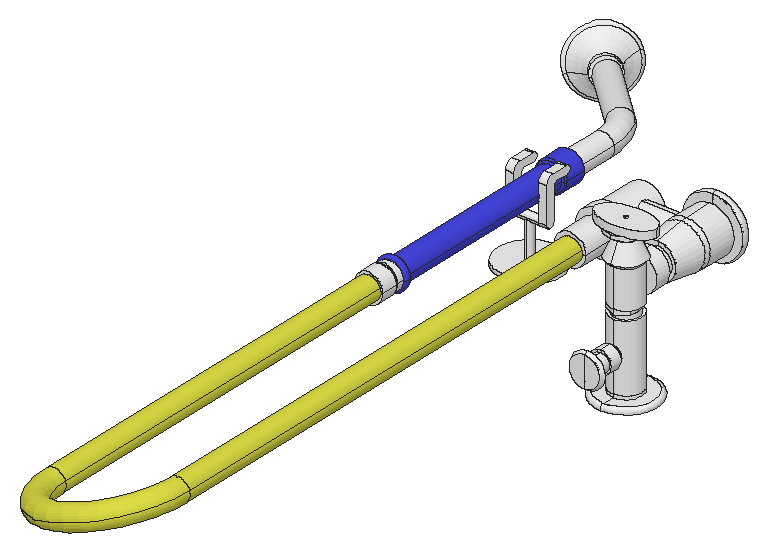
Revit family "Bed_Pan-American_Standard-Institutional-7582.167", category Plumbing Fixtures, host Face, Revit 2018
Family settings
  Host = Face
  Round Connector Dimension = Use Diameter
  Part Type = Normal
  OmniClass Number = 23.45.05.14.37
  OmniClass Title = Bedpan Washers/Sanitizers
  Cut with Voids When Loaded = No
  Shared = Yes
  Room Calculation Point = No
Parameters (values of type "7582167.002")
  Width = 2 1/16"
  Waste Connection = no
  WFU = 2
  Vent Connection = no
  URL = "https://www.americanstandard-us.com/"
  Revised Date = "09/22/2021"  # constant formula
  Product Page URL = "https://www.americanstandard-us.com/Mechanical-Commercial-Fittings/Bedpan-Cleanser-With-Atmospheric-Vacuum-Breaker-and-Loose-Key-Stop/CHROME-7582167002"
  Product Documentation Link = "https://americanstandard.box.com/shared/static/b0nbuh2ivmqyyiccm0psnqc8bmxjavh5.pdf"
  Model = "7582167.002"
  Material = "Brass-American Standard-002-Polished Chrome"
  Manufacturer = "American Standard"  # constant formula
  Length = 3 1/4"
  Inlet Diameter Connection = 3/8"
  Hose Length = 45 5/8"
  Height Finished Floor = 50"
  Height = 17 7/8"
  HWFU = 1.5
  HW Connection = no
  Finish - Hose = Rubber-American Standard-Yellow
  Finish - Handle = Rubber-American Standard-Blue
  Finish = Brass-American Standard-002-Polished Chrome
  Description = "Bedpan Cleanser With Atmospheric Vacuum Breaker and Loose Key Stop"
  Default Elevation = 0"
  CWFU = 1.5
  CW Connection = yes
  Assembly Code = "D2020100"
Reference planes (in)
  plane 1 "Center (Front/Back)": y = 0
  plane 2: z = 0
  plane 3 "Center (Left/Right)": x = 0
  plane 4: x = -6
  plane 5: x = -2.0625
  plane 6: z = 3.25
  plane 7: z = 5.0625
  plane 8: y = 0.96875
  plane 9: y = -1.01609
  plane 10: y = 3.67141
  plane 11: z = 2.625
  plane 12: y = 12.16857
  plane 13: y = -2.70643
  plane 14: y = -50
  plane 15: z = 2.12109
Forms (in)
  Revolve 1, solid, material "Brass-American Standard-002-Polished Chrome" <- "Finish"
    sketch origin (0, -10, 0.37129) x (0, 0, -1) y (0, 1, 0)
      loop
        line (0.21897, 10.88257) -> (0.21897, 10.5) -> (0.12129, 10.5) -> (-2, 10.5) -> (-2, 10.40242) -> (-2.14363, 10.40242) -> (-2.14363, 10) -> (0.37129, 10) -> (0.37129, 10.9947)
        arc (0.37129, 10.9947) -> (0.26679, 10.97714) -> (0.21897, 10.88257) r 0.11743
      axis (0.37129, 10) -> (-2.14363, 10)
    angle from 0 to 360
  Extrusion 2, solid, material "Brass-American Standard-002-Polished Chrome" <- "Finish"
    sketch origin (0, -10, 4.81387) x (1, 0, 0) y (0, 1, 0)
      loop
        line (0, 10.5) -> (-0.38127, 10.32347) -> (-0.38127, 9.67653) -> (0, 9.5) -> (0.36461, 9.7447) -> (0.36461, 10.2447) -> (0, 10.5)
    from -2.29895 to -2.14363
  Revolve 3, solid, material "Brass-American Standard-002-Polished Chrome" <- "Finish"
    sketch origin (0, -10, 0.37129) x (0, 0, -1) y (0, 1, 0)
      loop
        line (-2.29895, 10.5) -> (-3.49209, 10.5) -> (-3.58406, 10.59196) -> (-4.13957, 10.33292) -> (-4.13957, 10.16646) -> (-4.32856, 10.16646) -> (-4.32856, 10.5902) -> (-4.44798, 10.5902) -> (-4.44798, 10.04706) -> (-4.70293, 10.04706) -> (-4.70293, 10) -> (-4.44798, 10) -> (-2.29895, 10) -> (-2.29895, 10.5)
      axis (-2.29895, 10) -> (-4.70293, 10)
    angle from 0 to 360
  Revolve 4, solid, material "Brass-American Standard-002-Polished Chrome" <- "Finish"
    sketch origin (0, -9.98438, 0.37129) x (0, 0, -1) y (0, 1, 0)
      loop
        line (-1.00371, 9.48668) -> (-1.00371, 8.34148) -> (-0.51503, 8.34148) -> (-0.45589, 8.46829) -> (-0.72346, 8.46829) -> (-0.72346, 8.96829) -> (-0.65286, 8.96829) -> (-0.65286, 9.3473) -> (-0.72346, 9.3473) -> (-0.72346, 9.44787) -> (-0.76962, 9.44787) -> (-0.76962, 9.48668) -> (-1.00371, 9.48668)
      axis (-1.00371, 8.34148) -> (-1.00371, 9.48668)
    angle from 0 to 360
  Revolve 5, solid, material "Brass-American Standard-002-Polished Chrome" <- "Finish"
    sketch origin (0, -10, 0.24629) x (0, 0, -1) y (0, 1, 0)
      loop
        line (-3.00371, 10.60796) -> (-3.00371, 10.5) -> (-2.42395, 10.5) -> (-2.42395, 11.00036) -> (-2.56041, 11.00036) -> (-2.56041, 11.25036) -> (-2.42395, 11.25036) -> (-2.27277, 12.20483)
        arc (-2.27277, 12.20483) -> (-2.26118, 12.30283) -> (-2.2573, 12.40143) r 1.25677
        line (-2.2573, 12.40143) -> (-2.2573, 13.33377) -> (-2.42395, 13.33377) -> (-2.42395, 13.438) -> (-2.04281, 13.438)
        arc (-2.04281, 13.438) -> (-2.02173, 13.5575) -> (-2.06355, 13.67141) r 0.23321
        line (-2.06355, 13.67141) -> (-3.00371, 13.67141) -> (-3.00371, 10.60796)
      axis (-3.00371, 10.5) -> (-3.00371, 13.67141)
    angle from 0 to 360
  Extrusion 6, solid, material "Brass-American Standard-002-Polished Chrome" <- "Finish"
    sketch origin (10.536, 1.00036, 0.24629) x (0, 0, -1) y (0, 1, 0)
      loop
        circle (-3.00371, 1.68407) r 0.5
    from -12.41387 to -10.63499
  Revolve 7, solid, material "Brass-American Standard-002-Polished Chrome" <- "Finish"
    sketch origin (11.00036, 1.00036, 3.24629) x (0, 1, 0) y (-1, 0, 0)
      loop
        line (0.44182, 12.35316) -> (0.90315, 12.35316) -> (0.90315, 12.41755) -> (2.33341, 12.41755) -> (2.33341, 13.06286) -> (-0.64075, 13.06286) -> (-0.64075, 12.5597) -> (0.44182, 12.5597) -> (0.44182, 12.35316)
      axis (-0.64075, 13.06286) -> (2.33341, 13.06286)
    angle from 0 to 360
  Extrusion 8, solid, material "Brass-American Standard-002-Polished Chrome" <- "Finish"
    sketch origin (0, -10, 9.8215) x (1, 0, 0) y (0, 1, 0)
      loop
        spline (-0.96875, 10) -> (-0.93574, 9.86588) -> (-0.83896, 9.7409) -> (-0.68501, 9.63358) -> (-0.48438, 9.55123) -> (-0.25073, 9.49946) -> (0, 9.48181) -> (0.25073, 9.49946) -> (0.48437, 9.55123) -> (0.68501, 9.63358) -> (0.83896, 9.7409) -> (0.93574, 9.86588) -> (0.96875, 10)
        spline (0.96875, 10) -> (0.93574, 10.13412) -> (0.83896, 10.2591) -> (0.68501, 10.36642) -> (0.48437, 10.44877) -> (0.25073, 10.50054) -> (0, 10.51819) -> (-0.25073, 10.50054) -> (-0.48438, 10.44877) -> (-0.68501, 10.36642) -> (-0.83896, 10.2591) -> (-0.93574, 10.13412) -> (-0.96875, 10)
    from -5.00222 to -4.759
  Sweep 9, solid, material "Brass-American Standard-002-Polished Chrome" <- "Finish"
    path origin (-9.52681, -30.38305, 1.10964) x (0.961262, 0, 0.275637) y (0, 1, 0)
      loop
        line (0.30642, 41.13952) -> (3.08161, 38.36433)
        arc (3.08161, 38.36433) -> (3.51516, 37.71548) -> (3.6674, 36.95012) r 2
        line (3.6674, 36.95012) -> (3.6674, 35.60276)
    profile origin (-7.89842, 9.36888, 1.57658) x (0.679715, 0.707107, 0.194905) y (-0.275637, 0, 0.961262)
      loop
        circle (0, 0) r 0.37423
  Revolve 10, solid, material "Brass-American Standard-002-Polished Chrome" <- "Finish"
    sketch origin (15.654, 0.87652, 9.23595) x (-0.945518, 0.001371, -0.325568) y (-0.015744, 0.998629, 0.04993)
      loop
        line (26, 9.96608) -> (26.13642, 9.82966) -> (26.76517, 10.45841) -> (26.88241, 10.57565) -> (26.20208, 11.25598)
        arc (26.20208, 11.25598) -> (26.08484, 11.25598) -> (26.08484, 11.13874) r 0.0829
        arc (26.08484, 11.13874) -> (26.09707, 10.71226) -> (25.98577, 10.30038) r 1.46332
        line (25.98577, 10.30038) -> (25.82573, 10.14034) -> (26, 9.96608)
      axis (26.13642, 9.82966) -> (26.88241, 10.57565)
    angle from 0 to 360
  Revolve 11, solid, material "Brass-American Standard-002-Polished Chrome" <- "Finish"
    sketch origin (-6, 0, 0) x (0, 1, 0) y (0, 0, 1)
      loop
        line (3.67141, 0) -> (3.67141, 1.36516) -> (3.54875, 1.36516) -> (3.54875, 0.1397) -> (2.67141, 0.1397) -> (2.67141, 0) -> (3.67141, 0)
      axis (3.67141, 1.36516) -> (3.67141, 0)
    angle from 0 to 360
  Extrusion 12, solid, material "Brass-American Standard-002-Polished Chrome" <- "Finish"
    sketch origin (0, 0, 0) x (0, 1, 0) y (0, 0, 1)
      loop
        arc (4.31356, 2.5) -> (4.43856, 2.625) -> (4.31356, 2.75) r 0.125
        line (4.31356, 2.75) -> (3.79641, 2.75)
        arc (3.79641, 2.75) -> (3.61964, 2.67678) -> (3.54641, 2.5) r 0.25
        line (3.54641, 2.5) -> (3.54641, 1.375)
        arc (3.54641, 1.375) -> (3.67141, 1.25) -> (3.79641, 1.375) r 0.125
        line (3.79641, 1.375) -> (3.79641, 2.35834)
        arc (3.79641, 2.35834) -> (3.83791, 2.45851) -> (3.93808, 2.5) r 0.14166
        line (3.93808, 2.5) -> (4.31356, 2.5)
    from -5.61034 to -5.34379
  Extrusion 13, solid, material "Brass-American Standard-002-Polished Chrome" <- "Finish"
    sketch origin (-12, 0, 0) x (0, 1, 0) y (0, 0, -1)
      loop
        line (4.31356, -2.5) -> (3.93808, -2.5)
        arc (3.93808, -2.5) -> (3.83791, -2.45851) -> (3.79641, -2.35834) r 0.14166
        line (3.79641, -2.35834) -> (3.79641, -1.375)
        arc (3.79641, -1.375) -> (3.67141, -1.25) -> (3.54641, -1.375) r 0.125
        line (3.54641, -1.375) -> (3.54641, -2.5)
        arc (3.54641, -2.5) -> (3.61964, -2.67678) -> (3.79641, -2.75) r 0.25
        line (3.79641, -2.75) -> (4.31356, -2.75)
        arc (4.31356, -2.75) -> (4.43856, -2.625) -> (4.31356, -2.5) r 0.125
    from -5.61034 to -5.34379
  Extrusion 14, solid, material "Brass-American Standard-002-Polished Chrome" <- "Finish"
    sketch origin (0, 0, 0) x (0, 1, 0) y (0, 0, 1)
      loop
        circle (3.67141, 1.375) r 0.125
    from -6.38966 to -5.61034
  Revolve 15, solid, material "Rubber-American Standard-Blue" <- "Finish - Handle"
    sketch origin (0, 0, 2.12109) x (1, 0, 0) y (0, 1, 0)
      loop
        line (-5.5133, 4.54491) -> (-5.5133, 5.2197) -> (-6, 5.2197) -> (-6, -1.87113) -> (-5.57019, -1.87113)
        arc (-5.57019, -1.87113) -> (-5.49274, -1.73157) -> (-5.61559, -1.62967) r 0.125
        line (-5.61559, -1.62967) -> (-5.61559, 4.43624)
        arc (-5.61559, 4.43624) -> (-5.59649, 4.48438) -> (-5.54959, 4.50636) r 0.07025
        arc (-5.54959, 4.50636) -> (-5.5238, 4.51844) -> (-5.5133, 4.54491) r 0.03862
      axis (-6, 5.2197) -> (-6, -1.87113)
    angle from 0 to 360
  Revolve 16, solid, material "Brass-American Standard-002-Polished Chrome" <- "Finish"
    sketch origin (-5.5133, 0, 2.12109) x (1, 0, 0) y (0, 1, 0)
      loop
        line (-0.05689, -1.87113) -> (-0.4867, -1.87113) -> (-0.4867, -2.70643) -> (-0.0282, -2.70643) -> (-0.0282, -2.20643) -> (-0.10229, -2.20643) -> (-0.10229, -2.07793) -> (-0.05689, -2.07793) -> (-0.05689, -1.87113)
      axis (-0.4867, -1.87113) -> (-0.4867, -2.70643)
    angle from 0 to 360
  Sweep 17, solid, material "Rubber-American Standard-Yellow" <- "Finish - Hose"
    path origin (-9.52681, -30.38305, 1.10964) x (0.961262, 0, 0.275637) y (0, 1, 0)
      loop
        line (3.6674, 27.67662) -> (3.6674, 15.19591)
        arc (3.6674, 15.19591) -> (5.71626, 13.14705) -> (7.76512, 15.19591) r 2.04886
        line (7.76512, 15.19591) -> (7.76512, 30.74265)
    profile origin (-6.00148, -8.94679, 2.12051) x (0.961262, 0, 0.275637) y (-0.275637, 0, 0.961262)
      loop
        circle (0, 0) r 0.37423
Cuts and joins
  joined: Revolve 5, Extrusion 6, Revolve 7
  joined: Revolve 3, Extrusion 8
  joined: Revolve 11, Extrusion 12, Extrusion 13, Extrusion 14
Lines and regions (in)
  Masking region 1
    outline origin (0, 0, 0) x (1, 0, 0) y (0, 0, 1)
      loop
        line (0.51819, 5.0625) -> (-0.51819, 5.0625) -> (-0.51819, 4.81928) -> (-0.5902, 4.81928) -> (-0.5902, 4.69985) -> (-0.16646, 4.69985) -> (-0.16646, 4.51087) -> (-0.33292, 4.51087) -> (-0.53903, 4.06887)
        arc (-0.53903, 4.06887) -> (-0.71175, 3.92817) -> (-0.84557, 3.75006) r 0.91941
        line (-0.84557, 3.75006) -> (-1.56262, 3.75006)
        arc (-1.56262, 3.75006) -> (-2.2426, 3.93275) -> (-2.74531, 3.43977) r 0.70969
        line (-2.74531, 3.43977) -> (-5.34379, 2.69467) -> (-5.34379, 2.75) -> (-5.61034, 2.75) -> (-5.61034, 2.62184) -> (-5.77238, 2.57537)
        arc (-5.77238, 2.57537) -> (-6.10345, 2.61973) -> (-6.38966, 2.44749) r 0.50445
        line (-6.38966, 2.44749) -> (-6.38966, 2.75) -> (-6.65621, 2.75) -> (-6.65621, 2.32175) -> (-9.13702, 1.61038)
        spline (-9.13702, 1.61038) -> (-9.15309, 1.61891) -> (-9.16932, 1.62639) -> (-9.18566, 1.63281) -> (-9.20207, 1.63815) -> (-9.21851, 1.6424) -> (-9.23493, 1.64554) -> (-9.2513, 1.64756) -> (-9.26757, 1.64847) -> (-9.2837, 1.64825) -> (-9.29965, 1.64691) -> (-9.31537, 1.64446) -> (-9.33082, 1.64089)
        arc (-9.33082, 1.64089) -> (-9.52239, 1.85959) -> (-9.77103, 2.01028) r 0.95204
        arc (-9.77103, 2.01028) -> (-10.12057, 2.0422) -> (-10.42691, 1.87087) r 0.5929
        arc (-10.42691, 1.87087) -> (-10.61627, 1.53115) -> (-10.66276, 1.14501) r 1.00701
        arc (-10.66276, 1.14501) -> (-10.57983, 0.72949) -> (-10.37627, 0.35788) r 1.39844
        arc (-10.37627, 0.35788) -> (-10.19253, 0.16807) -> (-9.96132, 0.04028) r 0.89362
        arc (-9.96132, 0.04028) -> (-9.74778, 0.00181) -> (-9.53424, 0.04028) r 0.61175
        arc (-9.53424, 0.04028) -> (-9.2717, 0.24617) -> (-9.12491, 0.54577) r 0.74741
        arc (-9.12491, 0.54577) -> (-9.10088, 0.6707) -> (-9.08702, 0.79716) r 1.57281
        arc (-9.08702, 0.79716) -> (-9.02199, 0.82914) -> (-8.97019, 0.87981) r 0.22923
        line (-8.97019, 0.87981) -> (-6.65621, 1.54333) -> (-6.65621, 1.25) -> (-6.12266, 1.25) -> (-6.12266, 0.1397) -> (-6.99885, 0.1397) -> (-6.99885, 0) -> (-5.00115, 0) -> (-5.00115, 0.1397) -> (-5.87734, 0.1397) -> (-5.87734, 1.25) -> (-5.34379, 1.25) -> (-5.34379, 1.91966) -> (-2.54198, 2.72307)
        arc (-2.54198, 2.72307) -> (-2.04372, 2.53685) -> (-1.55601, 2.74916) r 0.70969
        line (-1.55601, 2.74916) -> (-0.84582, 2.74916)
        arc (-0.84582, 2.74916) -> (-0.69457, 2.55537) -> (-0.5, 2.40512) r 0.98398
        line (-0.5, 2.40512) -> (-0.5, 1.59883)
        arc (-0.5, 1.59883) -> (-0.54781, 1.375) -> (-0.5, 1.15117) r 0.54781
        line (-0.5, 1.15117) -> (-0.5, 0.15232) -> (-0.87992, 0.15232)
        arc (-0.87992, 0.15232) -> (-0.97636, 0.10559) -> (-0.9947, 0) r 0.11743
        line (-0.9947, 0) -> (0.9947, 0)
        arc (0.9947, 0) -> (0.97636, 0.10559) -> (0.87992, 0.15232) r 0.11743
        line (0.87992, 0.15232) -> (0.5, 0.15232) -> (0.5, 1.15117)
        arc (0.5, 1.15117) -> (0.54781, 1.375) -> (0.5, 1.59883) r 0.54781
        line (0.5, 1.59883) -> (0.5, 2.40386)
        arc (0.5, 2.40386) -> (0.98367, 3.22548) -> (0.53903, 4.06887) r 0.97893
        line (0.53903, 4.06887) -> (0.33292, 4.51087) -> (0.16646, 4.51087) -> (0.16646, 4.69985) -> (0.5902, 4.69985) -> (0.5902, 4.81928) -> (0.51819, 4.81928) -> (0.51819, 5.0625)
  symbolic lines, detail levels medium+fine
    curve 1: line (-0.5, 0, 0.15232) -> (0.5, 0, 0.15232)
    curve 2: line (-5.87734, 0, 0.1397) -> (-6.12266, 0, 0.1397)
    curve 3: line (-6.12266, 0, 1.25) -> (-5.87734, 0, 1.25)
    curve 4: line (-0.16646, 0, 4.69985) -> (0.16646, 0, 4.69985)
    curve 5: line (0.16646, 0, 4.51087) -> (-0.16646, 0, 4.51087)
    curve 6: line (-0.51876, 0, 4.81928) -> (0.51883, 0, 4.81928)
    curve 9: arc (-2.74345, 0, 3.44621) -> (-2.74615, 0, 3.05579) -> (-2.54193, 0, 2.72302) r 0.70969
    curve 10: arc (-0.84554, 0, 3.75226) -> (-0.9844, 0, 3.25226) -> (-0.84554, 0, 2.75226) r 0.96964
    curve 11: arc (0.53988, 0, 4.07245) -> (0.00137, 0, 4.23379) -> (-0.53715, 0, 4.07245) r 0.97939
    curve 12: arc (-0.49876, 0, 2.40312) -> (0.00124, 0, 2.26744) -> (0.50124, 0, 2.40312) r 0.98912
    curve 13: line (-0.5, 0, 1.59883) -> (-0.5, 0, 1.15117)
    curve 14: line (0.5, 0, 1.15117) -> (0.5, 0, 1.59883)
    curve 17: spline (-8.98197, 0, 0.8656) -> (-8.94583, 0, 0.91527) -> (-8.91816, 0, 0.97451) -> (-8.89985, 0, 1.04147) -> (-8.89147, 0, 1.114) -> (-8.89328, 0, 1.18982) -> (-8.90524, 0, 1.26651) -> (-8.92695, 0, 1.34166) -> (-8.95774, 0, 1.41287) -> (-8.99662, 0, 1.47789) -> (-9.04236, 0, 1.53466) -> (-9.09353, 0, 1.58138) -> (-9.14848, 0, 1.61658)
    curve 19: arc (-9.33082, 0, 1.64089) -> (-9.14927, 0, 1.23627) -> (-9.08702, 0, 0.79716) r 1.58379
    curve 26: arc (-5.91308, 0, 1.75575) -> (-5.63889, 0, 2.21021) -> (-6.09335, 0, 2.4844) r 0.37531
    curve 27: line (-6.09335, 0, 2.4844) -> (-6.65621, 0, 2.323)
    curve 28: line (-5.91308, 0, 1.75575) -> (-6.65911, 0, 1.54183)
    curve 29: line (-5.34379, 0, 1.91966) -> (-5.34379, 0, 2.69467)
  symbolic lines, detail levels fine
    curve 7: circle (0, 0, 3.25) r 0.94016 normal (0, -1, 0)
    curve 8: circle (-2.0625, 0, 3.24629) r 0.64531 normal (0, 1, 0)
    curve 15: line (-1.56262, 0, 3.75006) -> (-1.65922, 0, 3.75006)
    curve 16: line (-1.55601, 0, 2.74916) -> (-1.65106, 0, 2.74916)
    curve 18: spline (-9.2846, 0, 1.56264) -> (-9.23782, 0, 1.52968) -> (-9.19409, 0, 1.48829) -> (-9.15445, 0, 1.43946) -> (-9.11984, 0, 1.38434) -> (-9.09106, 0, 1.32424) -> (-9.06882, 0, 1.26057) -> (-9.05362, 0, 1.19485) -> (-9.04582, 0, 1.12862) -> (-9.04563, 0, 1.06345) -> (-9.05302, 0, 1.00088) -> (-9.06784, 0, 0.94238) -> (-9.08974, 0, 0.88936)
    curve 20: line (-6.38966, 0, 1.5) -> (-5.61034, 0, 1.5)
    curve 21: line (-5.61034, 0, 1.5) -> (-5.61034, 0, 1.82947)
    curve 22: line (-6.38966, 0, 1.5) -> (-6.38966, 0, 1.61909)
    curve 23: arc (-6.40163, 0, 2.396) -> (-5.53219, 0, 2.25539) -> (-6.19465, 0, 1.67501) r 0.4867
    curve 24: line (-5.61034, 0, 2.62184) -> (-5.61034, 0, 2.41271)
    curve 25: arc (-5.61034, 0, 2.44991) -> (-5.68468, 0, 2.52126) -> (-5.77238, 0, 2.57537) r 0.48701
Dimensions and locks (in)
  plane 7 to level = 5 1/16"  (x2)
  plane 5 to plane 3 "Center (Left/Right)" = 2 1/16"
  plane 4 to plane 3 "Center (Left/Right)" = 6"
  plane 9 to plane 10 = 4 11/16"  (x2)
  plane 13 to plane 12 = 14 7/8"
  Extrusion 8 sketch curve to Extrusion 8 sketch curve = 1 15/16"
  plane 6 to level = 3 1/4"
  "Height Finished Floor": plane 14 to plane 1 "Center (Front/Back)"
  aligned and locked: plane 2 to host face
  aligned and locked: level to host face
  aligned and locked: Revolve 4 sketch curve to plane 9
  aligned and locked: plane 4 to Revolve 16 sketch curve
Automatic sketch dimensions
  curve 8 to curve 9 = 0"  (x2)
  plane 4 to curve 23 = 0"
  plane 5 to curve 8 = 0"
  curve 7 to plane 3 "Center (Left/Right)" = 0"
  curve 7 to plane 6 = 0"
  plane 4 to curve 26 = 0.00322"
  plane 4 to curve 27 = 0.09335"
  plane 4 to curve 20 = 0.38966"
  level to curve 19 = 0.7966"
  curve 19 to curve 20 = 4.28115"
  curve 25 to plane 4 = 0.01716"
  curve 28 to plane 4 = 0.08692"
  curve 20 to plane 4 = 0.38966"
  plane 6 to curve 10 = 0.00226"
  curve 10 to plane 3 "Center (Left/Right)" = 0.01476"
  plane 3 "Center (Left/Right)" to curve 12 = 0.00124"
  plane 3 "Center (Left/Right)" to curve 11 = 0.00137"
  curve 22 to plane 11 = 1 1/8"
  curve 20 to curve 28 = 0.25575"
  curve 26 to curve 26 = 0.36432"
  curve 26 to curve 23 = 0.00102"
  curve 23 to curve 25 = 0.0151"
  curve 9 to plane 6 = 0.00371"
  plane 6 to curve 11 = 0.0044"
  curve 11 to curve 12 = 0.00216"
  plane 4 to curve 2 = 0.12266"
  plane 4 to curve 3 = 0.12266"
  plane 4 to curve 23 = 0.19465"
  curve 23 to plane 11 = 0.229"
  curve 23 to curve 27 = 0.30827"
  curve 27 to plane 11 = 0.302"
  curve 28 to curve 20 = 0.26945"
  level to curve 17 = 0.8656"
  curve 19 to curve 17 = 1.68884"
  curve 19 to curve 17 = 0.10505"
  curve 18 to curve 19 = 0.00272"
  curve 17 to curve 18 = 0.05874"
  curve 17 to curve 18 = 0.12347"
  curve 18 to curve 17 = 0.13612"
  curve 19 to curve 18 = 0.04622"
  curve 17 to curve 19 = 0.00349"
  curve 18 to curve 17 = 0.15383"  (x2)
  curve 3 to plane 4 = 0.12266"
  curve 2 to plane 4 = 0.12266"
  curve 25 to plane 11 = 0.04963"
  curve 25 to plane 4 = 0.22762"
  curve 24 to plane 11 = 0.21229"
  plane 11 to curve 29 = 0.06967"
  curve 24 to curve 29 = 0.26655"
  plane 6 to curve 9 = 0.19621"
  plane 5 to curve 9 = 0.68095"
  plane 11 to curve 9 = 0.09802"
  curve 15 to plane 5 = 0.40328"
  plane 11 to curve 16 = 0.12416"
  curve 16 to plane 5 = 0.41144"
  curve 15 to curve 15 = 0.0966"
  curve 16 to curve 16 = 0.09505"
  curve 15 to curve 10 = 0.71708"
  plane 11 to curve 10 = 0.12726"
  curve 16 to curve 10 = 0.71047"
  curve 10 to curve 11 = 0.3084"
  curve 6 to plane 7 = 0.24322"
  curve 6 to plane 3 "Center (Left/Right)" = 0.51876"
  curve 13 to plane 3 "Center (Left/Right)" = 1/2"
  level to curve 1 = 0.15232"
  curve 1 to plane 3 "Center (Left/Right)" = 1/2"
  curve 12 to plane 11 = 0.22188"  (x2)
  curve 10 to curve 12 = 0.34678"
  curve 5 to plane 3 "Center (Left/Right)" = 0.16646"
  curve 4 to plane 3 "Center (Left/Right)" = 0.16646"
  plane 3 "Center (Left/Right)" to curve 4 = 0.16646"
  plane 3 "Center (Left/Right)" to curve 5 = 0.16646"
  plane 3 "Center (Left/Right)" to curve 1 = 1/2"
  plane 3 "Center (Left/Right)" to curve 14 = 1/2"
  curve 4 to curve 6 = 0.35237"
  plane 3 "Center (Left/Right)" to curve 11 = 0.53988"
  level to curve 2 = 0.1397"
  curve 19 to curve 17 = 0.06843"
  curve 1 to curve 13 = 0.99885"
  curve 1 to curve 14 = 0.99885"
  curve 18 to curve 17 = 0.04411"
  curve 3 to curve 20 = 1/4"
  curve 13 to curve 13 = 0.44766"
  curve 14 to curve 14 = 0.44766"
  curve 21 to curve 29 = 0.09019"
  curve 24 to plane 11 = 0.00316"
  curve 10 to curve 11 = 0.32019"
  curve 5 to curve 6 = 0.30841"
  curve 5 to curve 4 = 0.18899"
  host sketch curve to host sketch curve = 96"  (x2)
  Revolve 1 sketch curve to plane 1 "Center (Front/Back)" = 0"  (x2)
  Revolve 1 sketch curve to level = 0"
  level to Revolve 1 sketch curve = 0.03489"
  level to Revolve 1 sketch curve = 0.15232"
  Revolve 1 sketch curve to Revolve 1 sketch curve = 0.09768"
  Revolve 1 sketch curve to plane 11 = 0.25371"
  Revolve 1 sketch curve to plane 11 = 0.11008"
  Revolve 1 sketch curve to Revolve 1 sketch curve = 0.40242"
  Revolve 1 sketch curve to Revolve 1 sketch curve = 0.09758"
  Revolve 1 sketch curve to plane 8 = 0.08618"
  Revolve 1 sketch curve to Revolve 1 sketch curve = 0.37129"
  plane 6 to Revolve 1 sketch curve = 0.57631"
  Extrusion 2 sketch curve to plane 3 "Center (Left/Right)" = 0"  (x2)
  Extrusion 2 sketch curve to plane 3 "Center (Left/Right)" = 0.38127"
  plane 3 "Center (Left/Right)" to Extrusion 2 sketch curve = 0.36461"
  plane 1 "Center (Front/Back)" to Extrusion 2 sketch curve = 1/2"
  plane 1 "Center (Front/Back)" to Extrusion 2 sketch curve = 0.32347"
  plane 1 "Center (Front/Back)" to Extrusion 2 sketch curve = 0.2553"
  Extrusion 2 sketch curve to plane 1 "Center (Front/Back)" = 0.2447"
  Extrusion 2 sketch curve to plane 1 "Center (Front/Back)" = 0.32347"
  Extrusion 2 sketch curve to Extrusion 2 sketch curve = 0.17653"
  Revolve 3 sketch curve to plane 1 "Center (Front/Back)" = 0"  (x2)
  plane 7 to Revolve 3 sketch curve = 3/256"
  Revolve 3 sketch curve to plane 7 = 0.24322"
  Revolve 3 sketch curve to Revolve 3 sketch curve = 0"  (x2)
  Revolve 3 sketch curve to Revolve 3 sketch curve = 0.11942"
  Revolve 3 sketch curve to Revolve 3 sketch curve = 0.18899"
  Revolve 3 sketch curve to Revolve 3 sketch curve = 0.55552"
  Revolve 3 sketch curve to Revolve 3 sketch curve = 0.09196"  (x2)
  plane 11 to Revolve 3 sketch curve = 0.04524"
  Revolve 3 sketch curve to Revolve 3 sketch curve = 0.04706"
  Revolve 3 sketch curve to plane 1 "Center (Front/Back)" = 0.16646"
  Revolve 3 sketch curve to Revolve 3 sketch curve = 0.16646"
  Revolve 3 sketch curve to plane 8 = 15/32"
  Revolve 3 sketch curve to plane 8 = 0.37855"
  Revolve 3 sketch curve to Revolve 3 sketch curve = 1.27529"
  plane 1 "Center (Front/Back)" to Revolve 4 sketch curve = 0.49769"
  Revolve 4 sketch curve to plane 11 = 1 1/4"
  Revolve 4 sketch curve to Revolve 4 sketch curve = 0.23409"
  Revolve 4 sketch curve to Revolve 4 sketch curve = 0.04616"
  Revolve 4 sketch curve to Revolve 4 sketch curve = 0"  (x2)
  Revolve 4 sketch curve to Revolve 4 sketch curve = 0.0706"
  Revolve 4 sketch curve to Revolve 4 sketch curve = 0.20843"
  Revolve 4 sketch curve to Revolve 4 sketch curve = 0.05913"
  plane 9 to Revolve 4 sketch curve = 1/2"
  Revolve 4 sketch curve to Revolve 4 sketch curve = 0.12681"
  Revolve 4 sketch curve to Revolve 4 sketch curve = 0.13938"
  Revolve 4 sketch curve to Revolve 4 sketch curve = 0.03881"
  Revolve 4 sketch curve to Revolve 4 sketch curve = 0.00609"
  plane 1 "Center (Front/Back)" to Revolve 4 sketch curve = 0.05819"
  Revolve 5 sketch curve to plane 6 = 0"  (x2)
  Revolve 5 sketch curve to plane 10 = 0"
  plane 6 to Revolve 5 sketch curve = 0.51037"
  plane 11 to Revolve 5 sketch curve = 0.1817"
  plane 11 to Revolve 5 sketch curve = 0.04524"  (x3)
  Revolve 5 sketch curve to plane 11 = 0.10593"
  Revolve 5 sketch curve to plane 11 = 0.12141"
  Revolve 5 sketch curve to plane 11 = 0.12467"
  Revolve 5 sketch curve to Revolve 5 sketch curve = 0.19049"
  Revolve 5 sketch curve to Revolve 5 sketch curve = 0.21122"
  plane 10 to Revolve 5 sketch curve = 0.13455"
  Revolve 5 sketch curve to Revolve 5 sketch curve = 0.10422"
  plane 10 to Revolve 5 sketch curve = 1.26998"
  plane 8 to Revolve 5 sketch curve = 0.28161"
  plane 8 to Revolve 5 sketch curve = 0.03161"
  Revolve 5 sketch curve to plane 8 = 0.36079"
  Revolve 5 sketch curve to plane 8 = 15/32"
  Revolve 5 sketch curve to Revolve 5 sketch curve = 0"
  Revolve 5 sketch curve to plane 10 = 0.69823"
  Extrusion 6 sketch curve to plane 6 = 0"
  plane 10 to Extrusion 6 sketch curve = 0.98699"
  Revolve 7 sketch curve to plane 5 = 0"  (x2)
  Revolve 7 sketch curve to plane 1 "Center (Front/Back)" = 0.3596"
  plane 8 to Revolve 7 sketch curve = 0.47343"
  Revolve 7 sketch curve to Revolve 7 sketch curve = 0.46133"
  plane 10 to Revolve 7 sketch curve = 0.33764"
  Revolve 7 sketch curve to plane 5 = 0.50315"
  Revolve 7 sketch curve to plane 5 = 0.64531"
  Revolve 7 sketch curve to Revolve 7 sketch curve = 0.20654"
  Revolve 7 sketch curve to Revolve 7 sketch curve = 0.09685"
  Revolve 7 sketch curve to Revolve 7 sketch curve = 0.16659"
  plane 1 "Center (Front/Back)" to Extrusion 8 sketch curve = 0"
  Extrusion 8 sketch curve to plane 3 "Center (Left/Right)" = 0"
  profile plane to Sweep 9 sketch curve = 0"
  Sweep 9 sketch curve to profile plane = 0"
  Revolve 10 sketch curve to Revolve 10 sketch curve = 1.18187"
  Revolve 10 sketch curve to Revolve 10 sketch curve = 0.16003"
  Revolve 10 sketch curve to Revolve 10 sketch curve = 0.17426"  (x2)
  Revolve 10 sketch curve to Revolve 10 sketch curve = 0.13642"  (x2)
  Revolve 10 sketch curve to Revolve 10 sketch curve = 0.1577"
  Revolve 10 sketch curve to Revolve 10 sketch curve = 0.05862"  (x2)
  Revolve 10 sketch curve to Revolve 10 sketch curve = 0.7794"
  Revolve 10 sketch curve to Revolve 10 sketch curve = 0.11724"  (x2)
  Revolve 10 sketch curve to Revolve 10 sketch curve = 0.74365"
  Revolve 10 sketch curve to Revolve 10 sketch curve = 0.00397"  (x2)
  Revolve 10 sketch curve to Revolve 10 sketch curve = 0.5487"  (x2)
  Revolve 11 sketch curve to level = 0"
  Revolve 11 sketch curve to plane 10 = 0"  (x2)
  plane 10 to Revolve 11 sketch curve = 0.12266"
  Revolve 11 sketch curve to Revolve 11 sketch curve = 0.87734"
  level to Revolve 11 sketch curve = 0.1397"
  Revolve 11 sketch curve to Revolve 11 sketch curve = 1.22545"
  Revolve 11 sketch curve to Revolve 11 sketch curve = 0.72712"
  plane 11 to Revolve 11 sketch curve = 0.14788"
  Extrusion 12 sketch curve to plane 10 = 0"
  Extrusion 12 sketch curve to plane 11 = 0"
  plane 10 to Extrusion 12 sketch curve = 1/8"
  Extrusion 12 sketch curve to plane 10 = 1/8"
  Extrusion 12 sketch curve to Extrusion 12 sketch curve = 0.14166"
  plane 11 to Extrusion 12 sketch curve = 1/8"
  Extrusion 12 sketch curve to Extrusion 12 sketch curve = 0.37548"
  Extrusion 12 sketch curve to Extrusion 12 sketch curve = 0.98334"
  Extrusion 13 sketch curve to plane 10 = 0"
  Extrusion 13 sketch curve to plane 11 = 0"
  Extrusion 13 sketch curve to Extrusion 13 sketch curve = 1/8"
  Extrusion 13 sketch curve to plane 10 = 1/8"
  Extrusion 13 sketch curve to Extrusion 13 sketch curve = 0.14166"
  plane 11 to Extrusion 13 sketch curve = 1/8"
  Extrusion 13 sketch curve to Extrusion 13 sketch curve = 0.37548"
  Extrusion 13 sketch curve to Extrusion 13 sketch curve = 0.98334"
  Extrusion 14 sketch curve to plane 10 = 0"
  Extrusion 14 sketch curve to plane 11 = 1 1/4"
  Masking region 1 sketch curve to Masking region 1 sketch curve = 0"  (x11)
  Masking region 1 sketch curve to level = 0"  (x2)
  plane 5 to Masking region 1 sketch curve = 0"
  Masking region 1 sketch curve to plane 7 = 0"
  Masking region 1 sketch curve to plane 3 "Center (Left/Right)" = 0"
  plane 11 to Masking region 1 sketch curve = 0.09807"
  plane 5 to Masking region 1 sketch curve = 0.47948"
  plane 6 to Masking region 1 sketch curve = 0.18977"
  plane 5 to Masking region 1 sketch curve = 0.68281"
  level to Masking region 1 sketch curve = 0.1397"  (x2)
  Masking region 1 sketch curve to plane 4 = 0.99885"
  plane 11 to Masking region 1 sketch curve = 0.06967"
  Masking region 1 sketch curve to plane 4 = 0.65621"  (x2)
  Masking region 1 sketch curve to plane 11 = 0.00316"
  Masking region 1 sketch curve to Masking region 1 sketch curve = 0.26655"  (x2)
  Masking region 1 sketch curve to plane 11 = 0.04963"
  Masking region 1 sketch curve to Masking region 1 sketch curve = 0.16204"
  Masking region 1 sketch curve to plane 4 = 0.12266"
  plane 4 to Masking region 1 sketch curve = 0.00112"
  plane 4 to Masking region 1 sketch curve = 0.12266"
  plane 11 to Masking region 1 sketch curve = 1/8"
  plane 4 to Masking region 1 sketch curve = 0.38966"
  Masking region 1 sketch curve to Masking region 1 sketch curve = 0.53354"
  Masking region 1 sketch curve to Masking region 1 sketch curve = 0.87619"
  level to Masking region 1 sketch curve = 0.87981"
  Masking region 1 sketch curve to Masking region 1 sketch curve = 1.97134"
  Masking region 1 sketch curve to plane 11 = 1.01462"
  Masking region 1 sketch curve to Masking region 1 sketch curve = 0.16683"
  Masking region 1 sketch curve to Masking region 1 sketch curve = 0.18419"
  Masking region 1 sketch curve to Masking region 1 sketch curve = 0.11135"
  Masking region 1 sketch curve to Masking region 1 sketch curve = 0.38367"
  Masking region 1 sketch curve to Masking region 1 sketch curve = 0.00915"
  Masking region 1 sketch curve to Masking region 1 sketch curve = 0.09839"
  Masking region 1 sketch curve to Masking region 1 sketch curve = 0.10476"
  Masking region 1 sketch curve to Masking region 1 sketch curve = 0.33876"
  Masking region 1 sketch curve to Masking region 1 sketch curve = 0.13706"
  Masking region 1 sketch curve to Masking region 1 sketch curve = 0.52176"
  Masking region 1 sketch curve to plane 5 = 0.49988"
  plane 11 to Masking region 1 sketch curve = 0.12416"
  Masking region 1 sketch curve to Masking region 1 sketch curve = 0.50649"
  Masking region 1 sketch curve to plane 3 "Center (Left/Right)" = 0.9947"
  level to Masking region 1 sketch curve = 0.03492"  (x2)
  Masking region 1 sketch curve to Masking region 1 sketch curve = 0.11212"
  Masking region 1 sketch curve to Masking region 1 sketch curve = 0.00266"  (x2)
  Masking region 1 sketch curve to Masking region 1 sketch curve = 0.71019"
  Masking region 1 sketch curve to Masking region 1 sketch curve = 0.71705"
  Masking region 1 sketch curve to plane 7 = 0.24322"
  Masking region 1 sketch curve to plane 3 "Center (Left/Right)" = 0.5902"
  Masking region 1 sketch curve to Masking region 1 sketch curve = 0.30654"
  Masking region 1 sketch curve to Masking region 1 sketch curve = 0.072"  (x2)
  Masking region 1 sketch curve to plane 11 = 0.21988"
  Masking region 1 sketch curve to Masking region 1 sketch curve = 0.34582"
  Masking region 1 sketch curve to Masking region 1 sketch curve = 0.25728"
  Masking region 1 sketch curve to plane 3 "Center (Left/Right)" = 0.16646"
  Masking region 1 sketch curve to plane 3 "Center (Left/Right)" = 0.04901"
  Masking region 1 sketch curve to plane 3 "Center (Left/Right)" = 0.00059"
  Masking region 1 sketch curve to plane 6 = 0.00158"
  plane 3 "Center (Left/Right)" to Masking region 1 sketch curve = 0.00502"
  plane 3 "Center (Left/Right)" to Masking region 1 sketch curve = 0.16646"
  Masking region 1 sketch curve to Masking region 1 sketch curve = 0.16646"
  level to Masking region 1 sketch curve = 0.15232"
  plane 3 "Center (Left/Right)" to Masking region 1 sketch curve = 1/2"
  Masking region 1 sketch curve to Masking region 1 sketch curve = 0.18527"
  Masking region 1 sketch curve to Masking region 1 sketch curve = 0.20611"
  Masking region 1 sketch curve to Masking region 1 sketch curve = 0.37992"
  level to Masking region 1 sketch curve = 0.61356"
  Masking region 1 sketch curve to Masking region 1 sketch curve = 0.10297"
  Masking region 1 sketch curve to Masking region 1 sketch curve = 0.16118"
  Masking region 1 sketch curve to Masking region 1 sketch curve = 0.18857"
  Masking region 1 sketch curve to Masking region 1 sketch curve = 0.13647"
  Masking region 1 sketch curve to Masking region 1 sketch curve = 0.41378"
  Masking region 1 sketch curve to Masking region 1 sketch curve = 0.99885"  (x2)
  Masking region 1 sketch curve to Masking region 1 sketch curve = 0.19151"
  Masking region 1 sketch curve to Masking region 1 sketch curve = 0.34226"
  Masking region 1 sketch curve to Masking region 1 sketch curve = 1.1103"
  Masking region 1 sketch curve to Masking region 1 sketch curve = 0.22383"
  Masking region 1 sketch curve to Masking region 1 sketch curve = 0.33196"
  Masking region 1 sketch curve to Masking region 1 sketch curve = 0.29333"
  Masking region 1 sketch curve to Masking region 1 sketch curve = 0.66966"
  Masking region 1 sketch curve to plane 11 = 0.49924"
  Masking region 1 sketch curve to Masking region 1 sketch curve = 0.12575"
  Masking region 1 sketch curve to plane 11 = 0.22114"
  Masking region 1 sketch curve to Masking region 1 sketch curve = 0.05533"
  plane 6 to Masking region 1 sketch curve = 0.04092"
  Masking region 1 sketch curve to Masking region 1 sketch curve = 0.442"
  Masking region 1 sketch curve to Masking region 1 sketch curve = 0.18899"  (x2)
  Masking region 1 sketch curve to Masking region 1 sketch curve = 0.11942"
  Masking region 1 sketch curve to Masking region 1 sketch curve = 0.11683"
  Masking region 1 sketch curve to Masking region 1 sketch curve = 0.05252"
  Masking region 1 sketch curve to Masking region 1 sketch curve = 0.1938"
  Masking region 1 sketch curve to Masking region 1 sketch curve = 0.00349"
  level to Masking region 1 sketch curve = 0.04028"
  Masking region 1 sketch curve to Masking region 1 sketch curve = 0.43671"
  level to Masking region 1 sketch curve = 0.35788"
  Masking region 1 sketch curve to Masking region 1 sketch curve = 0.42961"
  profile plane to Sweep 17 sketch curve = 0"
  Sweep 17 sketch curve to profile plane = 0"
  plane 13 to Sweep 17 sketch curve = 0"
  plane 13 to Sweep 17 sketch curve = 12.48071"
  Sweep 17 sketch curve to Sweep 17 sketch curve = 2.04886"
  Sweep 17 sketch curve to plane 1 "Center (Front/Back)" = 0.3596"
  Sweep 9 sketch curve to plane 10 = 2.89565"
  plane 12 to Sweep 9 sketch curve = 4.18729"
  Sweep 9 sketch curve to Sweep 9 sketch curve = 1.41421"
  plane 12 to Sweep 9 sketch curve = 1.4121"
  Sweep 9 sketch curve to Sweep 9 sketch curve = 2.77519"
  Sweep 9 sketch curve to Sweep 9 sketch curve = 1.34736"
  Revolve 15 sketch curve to plane 4 = 0"  (x2)
  Revolve 15 sketch curve to plane 4 = 0.38441"
  Revolve 15 sketch curve to Revolve 15 sketch curve = 0.04541"
  Revolve 15 sketch curve to Revolve 15 sketch curve = 0.06367"
  Revolve 15 sketch curve to Revolve 15 sketch curve = 0.07025"
  Revolve 15 sketch curve to Revolve 15 sketch curve = 0.03862"
  Revolve 15 sketch curve to plane 13 = 0.8353"
  Revolve 15 sketch curve to Revolve 15 sketch curve = 0.11646"
  Revolve 15 sketch curve to plane 10 = 0.76482"
  Revolve 15 sketch curve to Revolve 15 sketch curve = 0.10867"
  Revolve 15 sketch curve to Revolve 15 sketch curve = 0.67479"
  Revolve 15 sketch curve to plane 9 = 3/16"
  Revolve 15 sketch curve to Revolve 15 sketch curve = 0.23518"
  Revolve 16 sketch curve to plane 4 = 0"
  plane 13 to Revolve 16 sketch curve = 0"
  Revolve 16 sketch curve to plane 4 = 0.38441"
  Revolve 16 sketch curve to Revolve 16 sketch curve = 0.04541"
  Revolve 16 sketch curve to Revolve 16 sketch curve = 0.0741"
  Revolve 16 sketch curve to plane 13 = 1/2"
  Revolve 16 sketch curve to Revolve 16 sketch curve = 0.1285"
  Revolve 16 sketch curve to Revolve 16 sketch curve = 0.2068"
  Revolve 16 sketch curve to plane 13 = 0.3353"
  Revolve 16 sketch curve to Revolve 16 sketch curve = 0"
  radius of curve 7 = 0.94016"
  radius of Extrusion 6 sketch curve = 1/2"
  radius of Sweep 9 sketch curve = 0.37423"
  radius of Extrusion 14 sketch curve = 1/8"
  radius of Sweep 17 sketch curve = 0.37423"
Connectors (in)
  piping at (0, 0, 0), diameter 0.375, driven by "Inlet Diameter Connection", driven by "CWFU"
    settings: on Revolve 1, index 1, connector inside diameter 24", connector length 0", flow factor 0, pipe flow 0 GPM, pressure drop 0.00 psi, fitting loss kfactor 0, connector angle 0.00°, fixture units 1.5, engagement length 0", angle of deflection 0.00°, flow configuration 3, flow direction 1, fitting loss method 0, system type 20, joint type 0, gender type 0, connector reference index -1, connector utility 0, adjustable connector no, is connector primary yes, connector description "3/8\" SPS Inlet Supply"
